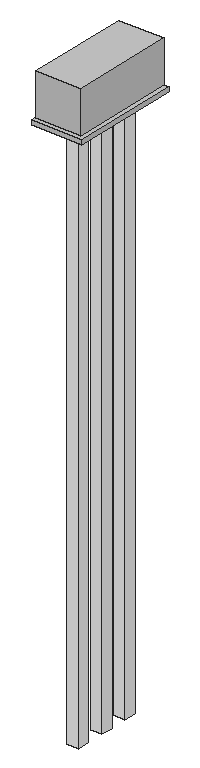
Revit family "BS_FM_Đài Móng - 3 cọc LT", category Structural Foundations, Revit 2019
Family settings
  Material for Model Behavior = Concrete
  Cap = No
  OmniClass Number = 23.25.05.11
  OmniClass Title = Foundation Piles
  Work Plane-Based = No
  Always vertical = Yes
  Cut with Voids When Loaded = No
  Shared = No
Parameters (values of type "1000 x 1000 x 900mm")
  h_BaoVe [instance] = 100 mm
  a4_BaoVe [instance] = 100 mm
  a3_BaoVe [instance] = 100 mm
  a2_BaoVe [instance] = 0 mm
  a1_BaoVe [instance] = 0 mm
  Y = 600 mm
  X = 600 mm
  Width = X + Diameter / 2 + KhoangCachMepCoc  # 975 mm
  Structural Material [instance] = Concrete, Cast-in-Place gray
  Length = Y + 2 * KhoangCach2TimCoc + Diameter / 2 + KhoangCachMepCoc  # 2225 mm
  KhoangCachMepCoc = 250 mm
  KhoangCach2TimCoc = HeSoCoc * Diameter  # 625 mm
  HeSoCoc = 2.5
  Foundation Thickness = 900 mm
  Diameter = 250 mm
  Depth = 12000 mm
  Cut-off = 100 mm
  BS_Cọc Vuông = yes
  BS_Cọc Tròn = no
  BS_BeTongMong = @BS-BeTongCotThep
  BS_BeTongLot = @BS-BeTong
  BS_BeTongCoc = Steel, 45-345
  Assembly Code = "A1010130"
Reference planes
  plane 1 "Center (Front/Back)": y = -225
  plane 2: z = 0
  plane 3 "Center (Left/Right)": x = 50
  plane 4: x = -550
  plane 5: x = 425
  plane 6: y = 1000
  plane 7: y = -1225
  plane 8: z = -900
  plane 9: z = -800
  plane 10: z = -1000
  plane 11: y = 400
  plane 12: y = -850
Forms (mm)
  Extrusion 1, solid, material "@BS-BeTongCotThep" <- "BS_BeTongMong"
    sketch origin (0, 0, 0) x (1, 0, 0) y (0, 1, 0)
      loop
        line (-550, 1000) -> (-550, -1225) -> (425, -1225) -> (425, 1000) -> (-550, 1000)
    from -900 to 0
  Extrusion 2, solid, material "@BS-BeTong" <- "BS_BeTongLot"
    sketch origin (0, 0, 0) x (1, 0, 0) y (0, 1, 0)
      loop
        line (-550, 1000) -> (-550, -1325) -> (525, -1325) -> (525, 1000) -> (-550, 1000)
    from -1000 to -900
Dimensions and locks
  "Width": plane 4 to plane 5
  "Foundation Thickness": plane 2 to plane 8
  "Cut-off": plane 9 to plane 8
  "a3_BaoVe": plane 7 to Extrusion 2 sketch curve
  "a2_BaoVe": Extrusion 2 sketch curve to plane 6
  "a1_BaoVe": Extrusion 2 sketch curve to plane 4
  "a4_BaoVe": Extrusion 1 to Extrusion 2 sketch curve
  "h_BaoVe": plane 10 to plane 8
  equal spacing: plane 11, plane 1 "Center (Front/Back)", plane 12
  "Length": plane 6 to plane 7
  "KhoangCach2TimCoc": plane 1 "Center (Front/Back)" to plane 11
  "X": plane 4 to plane 3 "Center (Left/Right)"
  "Y": plane 6 to plane 11
  plane 12 to plane 7 = 375 mm
  aligned and locked: plane 4 to Extrusion 1 sketch curve
  aligned and locked: Extrusion 1 sketch curve to plane 5
  aligned and locked: Extrusion 1 sketch curve to plane 6
  aligned and locked: plane 7 to Extrusion 1 sketch curve
  aligned and locked: level to Extrusion 1
  aligned and locked: Extrusion 1 to plane 8
  aligned and locked: Extrusion 2 to Extrusion 1
  aligned and locked: Extrusion 2 to plane 10
  aligned and locked: nested 1 to plane 11
  aligned and locked: plane 3 "Center (Left/Right)" to nested 1
  aligned and locked: nested 2 to plane 12
  aligned and locked: plane 3 "Center (Left/Right)" to nested 2
  aligned and locked: nested 4 to plane 12
  aligned and locked: nested 3 to plane 11
  aligned and locked: plane 3 "Center (Left/Right)" to nested 3
  aligned and locked: plane 3 "Center (Left/Right)" to nested 4
  aligned and locked: plane 8 to nested 3
  aligned and locked: plane 8 to nested 1
  aligned and locked: plane 8 to nested 4
  aligned and locked: plane 8 to nested 2
  aligned and locked: plane 1 "Center (Front/Back)" to nested 5
  aligned and locked: plane 3 "Center (Left/Right)" to nested 5
  aligned and locked: plane 1 "Center (Front/Back)" to nested 6
  aligned and locked: plane 3 "Center (Left/Right)" to nested 6
  aligned and locked: plane 8 to nested 6
  aligned and locked: plane 8 to nested 5
Nested families
  nested 1: "BS_FM_Pile-Cọc Tròn" at (50, 400, -900), Minimum Embedment <- "Cut-off", Diameter <- "Diameter", Depth <- "Depth", Structural Material <- "BS_BeTongCoc", visible <- "BS_Cọc Tròn", type "300mm Diameter"
    with Structural Material Steel, 45-345, Radius 125 mm, Minimum Embedment 100 mm, Diameter 250 mm, Depth 12000 mm
  nested 2: "BS_FM_Pile-Cọc Tròn" at (50, -850, -900), Minimum Embedment <- "Cut-off", Diameter <- "Diameter", Depth <- "Depth", Structural Material <- "BS_BeTongCoc", visible <- "BS_Cọc Tròn", type "300mm Diameter"
    with Structural Material Steel, 45-345, Radius 125 mm, Minimum Embedment 100 mm, Diameter 250 mm, Depth 12000 mm
  nested 3: "BS_FM_Pile-Cọc Vuông" at (50, 400, -900), Minimum Embedment <- "Cut-off", Diameter <- "Diameter", Depth <- "Depth", Structural Material <- "BS_BeTongCoc", visible <- "BS_Cọc Vuông", type "250mm Diameter"
    with Structural Material Steel, 45-345, Radius 125 mm, Minimum Embedment 100 mm, Diameter 250 mm, Depth 12000 mm
  nested 4: "BS_FM_Pile-Cọc Vuông" at (50, -850, -900), Minimum Embedment <- "Cut-off", Diameter <- "Diameter", Depth <- "Depth", Structural Material <- "BS_BeTongCoc", visible <- "BS_Cọc Vuông", type "250mm Diameter"
    with Structural Material Steel, 45-345, Radius 125 mm, Minimum Embedment 100 mm, Diameter 250 mm, Depth 12000 mm
  nested 5: "BS_FM_Pile-Cọc Vuông" at (50, -225, -900), Minimum Embedment <- "Cut-off", Diameter <- "Diameter", Depth <- "Depth", Structural Material <- "BS_BeTongCoc", visible <- "BS_Cọc Vuông", type "250mm Diameter"
    with Structural Material Steel, 45-345, Radius 125 mm, Minimum Embedment 100 mm, Diameter 250 mm, Depth 12000 mm
  nested 6: "BS_FM_Pile-Cọc Tròn" at (50, -225, -900), Minimum Embedment <- "Cut-off", Diameter <- "Diameter", Depth <- "Depth", Structural Material <- "BS_BeTongCoc", visible <- "BS_Cọc Tròn", type "300mm Diameter"
    with Structural Material Steel, 45-345, Radius 125 mm, Minimum Embedment 100 mm, Diameter 250 mm, Depth 12000 mm
Definition of nested family "BS_FM_Pile-Cọc Tròn"
  Parameters (values of type "600mm Diameter")
    Structural Material [instance] = none
    Radius [instance] = Diameter / 2  # 300 mm
    Minimum Embedment [instance] = 152 mm
    Diameter [instance] = 600 mm
    Depth [instance] = 6000 mm
    Assembly Code = "A1020130"
  Types (4): name
    600mm Diameter
    300mm Diameter
    400mm Diameter
    500mm Diameter
  Reference planes
    plane 1 "Center (Front/Back)": y = 0
    plane 2: z = 0
    plane 3 "Center (Left/Right)": x = 0
    plane 4: z = -6000
    plane 5: z = 152
  Forms (mm)
    Extrusion 1, solid, material <- "Structural Material"
      sketch origin (0, 0, 0) x (1, 0, 0) y (0, 1, 0)
        loop
          circle (0, 0) r 300
      from -6000 to 152
  Dimensions and locks
    "Depth": plane 2 to plane 4
    "Minimum Embedment": plane 5 to plane 2
    "Radius": radius of Extrusion 1 sketch curve
    aligned and locked: Extrusion 1 to plane 4
    aligned and locked: Extrusion 1 to plane 5
    aligned and locked: plane 1 "Center (Front/Back)" to nested 1
    aligned and locked: plane 3 "Center (Left/Right)" to nested 1
  Automatic sketch dimensions
    plane 1 "Center (Front/Back)" to Extrusion 1 sketch curve = 0 mm
    Extrusion 1 sketch curve to plane 3 "Center (Left/Right)" = 0 mm
  Nested families
    nested 1: "BS_LINE_TimCoc" at (0, 0, 0), type "BS_LINE_TimCoc"
      with LINE 700 mm, DK 600 mm
  Definition of nested family "BS_LINE_TimCoc"
    Parameters (values of type "BS_LINE_TimCoc")
      LINE = DK + 100 mm  # 780 mm
      DK = 680 mm
    Reference planes
      plane 1 "Center (Front/Back)": y = 0
      plane 2: z = 0
      plane 3 "Center (Left/Right)": x = 0
    Lines and regions (mm)
      detail lines, in view "Ref. Level", not visible
        curve 1: circle (0, 0, 0) r 340 normal (0, 0, 1)
      detail lines, in view "Ref. Level"
        curve 2: line (-390, 0, 0) -> (390, 0, 0)
        curve 3: line (0, 390, 0) -> (0, -390, 0)
    Dimensions and locks
      equal spacing: curve 2, plane 3 "Center (Left/Right)", curve 2
      equal spacing: curve 3, plane 1 "Center (Front/Back)", curve 3
      "LINE": curve 3 to curve 3
      "LINE": curve 2 to curve 2
      "DK": diameter of curve 1
    Automatic sketch dimensions
      curve 3 to plane 3 "Center (Left/Right)" = 0 mm
      plane 1 "Center (Front/Back)" to curve 1 = 0 mm
      curve 1 to plane 3 "Center (Left/Right)" = 0 mm
      plane 1 "Center (Front/Back)" to curve 2 = 0 mm
Definition of nested family "BS_FM_Pile-Cọc Vuông"
  Parameters (values of type "600mm Diameter")
    Structural Material [instance] = none
    Radius [instance] = Diameter / 2  # 125 mm
    Minimum Embedment [instance] = 150 mm
    Diameter [instance] = 250 mm
    Depth [instance] = 6000 mm
    Assembly Code = "A1020130"
  Types (6, lengths in mm): name | Radius | Diameter
    600mm Diameter | 125 | 250
    200mm Diameter | 300 | 600
    250mm Diameter | 300 | 600
    300mm Diameter | 300 | 600
    400mm Diameter | 300 | 600
    500mm Diameter | 300 | 600
  Reference planes
    plane 1 "Center (Front/Back)": y = 0
    plane 2: z = 0
    plane 3 "Center (Left/Right)": x = 0
    plane 4: z = -6000
    plane 5: z = 150
  Forms (mm)
    Extrusion 1, solid, material <- "Structural Material"
      sketch origin (0, 0, 0) x (1, 0, 0) y (0, 1, 0)
        loop
          line (-125, -125) -> (125, -125) -> (125, 125) -> (-125, 125) -> (-125, -125)
      from -6000 to 150
  Dimensions and locks
    "Depth": plane 2 to plane 4
    "Minimum Embedment": plane 5 to plane 2
    equal spacing: Extrusion 1 sketch curve, plane 3 "Center (Left/Right)", Extrusion 1 sketch curve
    "Diameter": Extrusion 1 sketch curve to Extrusion 1 sketch curve  (x2)
    equal spacing: Extrusion 1 sketch curve, plane 1 "Center (Front/Back)", Extrusion 1 sketch curve
    aligned and locked: Extrusion 1 to plane 4
    aligned and locked: Extrusion 1 to plane 5
    aligned and locked: plane 3 "Center (Left/Right)" to nested 1
    aligned and locked: plane 1 "Center (Front/Back)" to nested 1  (x2)
    aligned and locked: nested 1 to plane 3 "Center (Left/Right)"
  Nested families
    nested 1: "BS_Line_TimCoc" at (0, 0, 0), type "BS_Line_TimCoc"
      with LINE 350 mm, DK 250 mm
  Definition of nested family "BS_Line_TimCoc"
    Parameters (values of type "BS_Line_TimCoc")
      LINE = DK + 100 mm  # 780 mm
      DK = 680 mm
    Reference planes
      plane 1 "Center (Front/Back)": y = 0
      plane 2: z = 0
      plane 3 "Center (Left/Right)": x = 0
    Lines and regions (mm)
      detail lines, in view "Ref. Level", not visible
        curve 1: circle (0, 0, 0) r 340 normal (0, 0, 1)
      detail lines, in view "Ref. Level"
        curve 2: line (-390, 0, 0) -> (390, 0, 0)
        curve 3: line (0, 390, 0) -> (0, -390, 0)
    Dimensions and locks
      equal spacing: curve 2, plane 3 "Center (Left/Right)", curve 2
      equal spacing: curve 3, plane 1 "Center (Front/Back)", curve 3
      "LINE": curve 3 to curve 3
      "LINE": curve 2 to curve 2
      "DK": diameter of curve 1
    Automatic sketch dimensions
      curve 3 to plane 3 "Center (Left/Right)" = 0 mm
      plane 1 "Center (Front/Back)" to curve 1 = 0 mm
      curve 1 to plane 3 "Center (Left/Right)" = 0 mm
      plane 1 "Center (Front/Back)" to curve 2 = 0 mm
